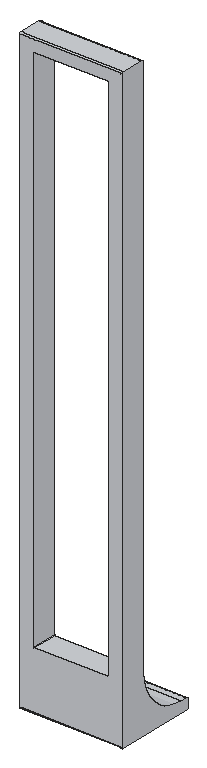
Revit family "Accessory-Towel_Arm-KOHLER-LOURE-K-11586T_1", category Specialty Equipment, host Face, Revit 2021
Family settings
  Host = Face
  Round Connector Dimension = Use Diameter
  Part Type = Normal
  OmniClass Number = 23.31.25.25
  OmniClass Title = Towel Bars
  Cut with Voids When Loaded = No
  Shared = No
  Room Calculation Point = No
Parameters (values of type "CP-Polished Chrome")
  Width = 17.87402"  # constant formula
  WaterSense Certified = 1 = 0  # no
  URL = "http://www.kohler.com.cn/"
  Type = 1
  Product Page URL = "https://www.kohler.com.cn/product/K-11586T-CP/K-11586T-CP/"
  Product Name = "LOURE"  # constant formula
  Product Documentation Link = "https://files.kohler.com.cn/pdfs/loure_acc.pdf"
  Model = if(Type = 1, "K-11586T-CP", if(Type = 2, "K-11586T-BV", "NA"))  # "K-11586T-CP"
  Material = "Premium Metal Construction"  # constant formula
  Master Format 2014 Name = "Toilet, Bath, and Laundry Accessories"  # constant formula
  Master Format 2014 = "10 28 00"  # constant formula
  Manufacturer Address = "Kohler Beijing Office (100016) 36-2-03-B, No. 88, Liuxiang Road, Beijing"  # constant formula
  Manufacturer = "Kohler Co."  # constant formula
  Length = 3.0315"  # constant formula
  Height = 2.40157"  # constant formula
  Finish = Kohler-Metal-CP-Polished_Chrome
  Environmental Product Declaration = ""
  Description = "Double Layer Towel Arm"  # constant formula
  Default Elevation = 42"
  Declare Label = ""
  Date Modified = "08/03/2022"  # constant formula
  Date Created = "07/06/2020"  # constant formula
  Copyright = "Copyright Kohler Co."  # constant formula
  Contact Us = "http://www.kohler.com.cn/contact/contact-us/"
  Assembly Code = "C1030200"
  ADA Compliant = 1 = 0  # no
Types (3): name | Type | Product Page URL | Model | Finish
  (no name) | 1 | "https://www.kohler.com.cn/product/K-11586T-CP/K-11586T-CP/" | "K-11586T-CP" | Kohler-Metal-CP-Polished_Chrome
  CP-Polished Chrome | 1 | "https://www.kohler.com.cn/product/K-11586T-CP/K-11586T-CP/" | "K-11586T-CP" | Kohler-Metal-CP-Polished_Chrome
  BV-Brushed Bronze | 2 | "https://www.kohler.com.cn/product/K-11586T-CP/K-11586T-BV/" | "K-11586T-BV" | Kohler-Metal-BV-Brushed_Bronze
Reference planes (in)
  plane 1 "Center (Front/Back)": y = 0
  plane 2: z = 0
  plane 3 "Center (Left/Right)": x = 0
  plane 4: y = 2.40157
  plane 5: y = 0.75319
  plane 6: x = -1.51575
  plane 7: x = 1.51575
  plane 8: z = 17.87402
  plane 9: z = 17.49803
  plane 10: z = 1.74396
  plane 11: z = 0.31496
  plane 12: y = 1.20079
Dimensions and locks (in)
  "Height": plane 1 "Center (Front/Back)" to plane 4
  "Length": plane 6 to plane 7
  "Width": plane 8 to level
  locked: plane 1 "Center (Front/Back)" to plane 12 at 1.20079
  aligned and locked: plane 2 to host face
  aligned and locked: level to host face
Automatic sketch dimensions
  host sketch curve to host sketch curve = 96"  (x2)
Nested families (in)
  nested 1: "K-11586T" at (0, 0, 0), type "K-11586T"
Definition of nested family "K-11586T"
  Parameters (values of type "K-11586T")
    Material = none
    Default Elevation = 0"
  Reference planes (in)
    plane 1 "Center (Front/Back)": y = 0
    plane 2: z = 0
    plane 3 "Center (Left/Right)": x = 0
    plane 4: y = 2.40157
    plane 5: z = 17.87402
    plane 6: x = -1.51575
    plane 7: x = 1.51575
    plane 8: y = 0.75319
    plane 9: z = 0.31496
    plane 10: z = 17.49803
    plane 11: z = 1.74396
  Forms (in)
    Extrusion 1, solid, material <- "Material", detail levels medium+fine
      sketch origin (0, 0, 0) x (0, 1, 0) y (0, 0, 1)
        loop
          arc (0, 0.03937) -> (0.01153, 0.01153) -> (0.03937, 0) r 0.03937
          line (0.03937, 0) -> (2.3622, 0)
          arc (2.3622, 0) -> (2.39004, 0.01153) -> (2.40157, 0.03937) r 0.03937
          line (2.40157, 0.03937) -> (2.40157, 0.27559)
          arc (2.40157, 0.27559) -> (2.39004, 0.30343) -> (2.3622, 0.31496) r 0.03937
          line (2.3622, 0.31496) -> (2.1822, 0.31496)
          arc (2.1822, 0.31496) -> (1.17174, 0.73351) -> (0.75319, 1.74396) r 1.429
          line (0.75319, 1.74396) -> (0.75319, 17.83465)
          arc (0.75319, 17.83465) -> (0.74166, 17.86248) -> (0.71382, 17.87402) r 0.03937
          line (0.71382, 17.87402) -> (0.03937, 17.87402)
          arc (0.03937, 17.87402) -> (0.01153, 17.86248) -> (0, 17.83465) r 0.03937
          line (0, 17.83465) -> (0, 0.03937)
      from -1.51575 to 1.51575
    Extrusion 2, void
      sketch origin (0, 0, 0) x (1, 0, 0) y (0, 0, 1)
        loop
          arc (-1.09843, 17.49803) -> (-1.11234, 17.49227) -> (-1.11811, 17.47835) r 0.01969
          line (-1.11811, 17.47835) -> (-1.11811, 1.76969)
          arc (-1.11811, 1.76969) -> (-1.11234, 1.75577) -> (-1.09843, 1.75) r 0.01969
          line (-1.09843, 1.75) -> (1.09843, 1.75)
          arc (1.09843, 1.75) -> (1.11234, 1.75577) -> (1.11811, 1.76969) r 0.01969
          line (1.11811, 1.76969) -> (1.11811, 17.47835)
          arc (1.11811, 17.47835) -> (1.11234, 17.49227) -> (1.09843, 17.49803) r 0.01969
          line (1.09843, 17.49803) -> (-1.09843, 17.49803)
      from -2.40157 to 1.64285
    Extrusion 3, solid, material <- "Material", detail levels coarse
      sketch origin (0, 0, 0) x (0, 1, 0) y (0, 0, 1)
        loop
          line (0, 0) -> (2.40157, 0) -> (2.40157, 0.31496) -> (0.75319, 0.31496) -> (0.75319, 17.87402) -> (0, 17.87402) -> (0, 0)
      from -1.51575 to 1.51575
    Extrusion 4, void
      sketch origin (0, 0, 0) x (1, 0, 0) y (0, 0, 1)
        loop
          line (-1.11811, 17.49803) -> (-1.11811, 1.75) -> (1.11811, 1.75) -> (1.11811, 17.49803) -> (-1.11811, 17.49803)
      from -3.33489 to 2.55788
  Cuts and joins
    Extrusion 2 cuts Extrusion 1
    Extrusion 4 cuts Extrusion 3
  Lines and regions (in)
    Masking region 1
      outline origin (0, 0, 0) x (1, 0, 0) y (0, 0, 1)
        loop
          line (-1.51575, 17.83465) -> (-1.51575, 0.31496) -> (-1.51575, 0) -> (1.51575, 0) -> (1.51575, 0.31496) -> (1.51575, 17.81496)
          arc (1.51575, 17.81496) -> (1.49845, 17.85672) -> (1.45669, 17.87402) r 0.05906
          line (1.45669, 17.87402) -> (-1.47638, 17.87402)
          arc (-1.47638, 17.87402) -> (-1.50422, 17.86248) -> (-1.51575, 17.83465) r 0.03937
        loop
          arc (-1.09843, 17.49803) -> (-1.11234, 17.49227) -> (-1.11811, 17.47835) r 0.01969
          line (-1.11811, 17.47835) -> (-1.11811, 1.76365)
          arc (-1.11811, 1.76365) -> (-1.11234, 1.74973) -> (-1.09843, 1.74396) r 0.01969
          line (-1.09843, 1.74396) -> (1.09843, 1.74396)
          arc (1.09843, 1.74396) -> (1.11234, 1.74973) -> (1.11811, 1.76365) r 0.01969
          line (1.11811, 1.76365) -> (1.11811, 17.47835)
          arc (1.11811, 17.47835) -> (1.11234, 17.49227) -> (1.09843, 17.49803) r 0.01969
          line (1.09843, 17.49803) -> (-1.09843, 17.49803)
    Masking region 2
      outline origin (0, 0, 0) x (0, 1, 0) y (0, 0, 1)
        loop
          line (0.03984, 0) -> (2.36252, 0)
          arc (2.36252, 0) -> (2.39013, 0.01144) -> (2.40157, 0.03906) r 0.03906
          line (2.40157, 0.03906) -> (2.40157, 0.27559)
          arc (2.40157, 0.27559) -> (2.39004, 0.30343) -> (2.3622, 0.31496) r 0.03937
          line (2.3622, 0.31496) -> (2.18346, 0.31496)
          arc (2.18346, 0.31496) -> (1.17211, 0.73388) -> (0.75319, 1.74522) r 1.43026
          line (0.75319, 1.74522) -> (0.75319, 17.83469)
          arc (0.75319, 17.83469) -> (0.74168, 17.8625) -> (0.71387, 17.87402) r 0.03932
          line (0.71387, 17.87402) -> (0.04107, 17.87402)
          arc (0.04107, 17.87402) -> (0.01203, 17.86199) -> (0, 17.83295) r 0.04107
          line (0, 17.83295) -> (0, 0.03984)
          arc (0, 0.03984) -> (0.01167, 0.01167) -> (0.03984, 0) r 0.03984
    Masking region 3
      outline origin (0, 0, 0) x (1, 0, 0) y (0, 1, 0)
        loop
          arc (-1.45669, 2.40157) -> (-1.49845, 2.38428) -> (-1.51575, 2.34252) r 0.05906
          line (-1.51575, 2.34252) -> (-1.51575, 0.01969)
          arc (-1.51575, 0.01969) -> (-1.50998, 0.00577) -> (-1.49606, 0) r 0.01969
          line (-1.49606, 0) -> (1.49606, 0)
          arc (1.49606, 0) -> (1.50998, 0.00577) -> (1.51575, 0.01969) r 0.01969
          line (1.51575, 0.01969) -> (1.51575, 2.34252)
          arc (1.51575, 2.34252) -> (1.49845, 2.38428) -> (1.45669, 2.40157) r 0.05906
          line (1.45669, 2.40157) -> (-1.45669, 2.40157)
    symbolic lines, detail levels medium+fine
      curve 1: line (-1.51575, 0, 0.31496) -> (1.51575, 0, 0.31496)
      curve 2: line (0, 0.75319, 1.74396) -> (0, 0, 1.74396)
      curve 3: line (-1.49606, 0.75319, 0) -> (1.49606, 0.75319, 0)
      curve 4: line (0, 0, 17.49803) -> (0, 0.75319, 17.49803)
      curve 5: line (-1.06443, 0, 17.49803) -> (-1.51575, 0, 17.49803)
      curve 6: line (1.09843, 0, 17.49803) -> (1.51575, 0, 17.49803)
      curve 7: line (-1.09843, 0, 1.74396) -> (-1.51575, 0, 1.74396)
      curve 8: line (1.09843, 0, 1.74396) -> (1.51575, 0, 1.74396)
      curve 9: arc (-1.49606, 0.75319, 0) -> (-1.50998, 0.74743, 0) -> (-1.51575, 0.73351, 0) r 0.01969
      curve 10: arc (1.49606, 0.75319, 0) -> (1.50998, 0.74743, 0) -> (1.51575, 0.73351, 0) r 0.01969
  Dimensions and locks (in)
    plane 5 to level = 17.87402"
    plane 7 to plane 6 = 3.0315"
    plane 4 to plane 1 "Center (Front/Back)" = 2.40157"
    plane 1 "Center (Front/Back)" to plane 4 = 2.40157"
    level to plane 5 = 17.87402"
    plane 6 to plane 7 = 3.0315"
    aligned and locked: plane 2 to level
